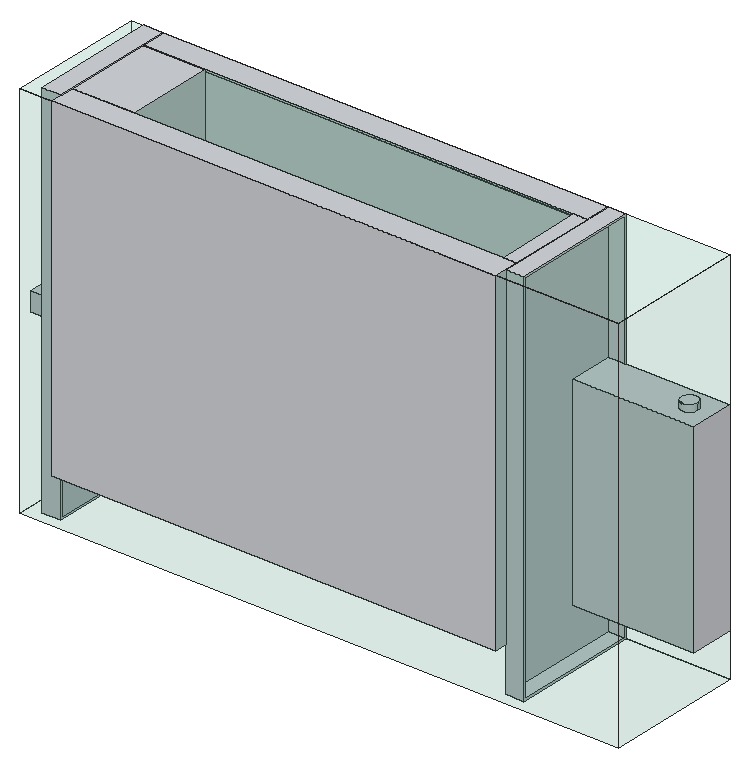
Revit family "EU_VRF_IDU_FLOOR_STANDING_S_Concealed", category Mechanical Equipment, Revit 2015
Parameters (values of type "3.60 kW, 220-240V, FLOOR STANDING(구모델)")
  Voltage [instance] = "220~240 V"
  URL = "www.samsung.com"
  Total Heating Capacity [instance] = 4.00 kW
  Total Cooling Capacity [instance] = 3.60 kW
  System Served = ""
  Supply Air Connection Width [instance] = 582.219 mm
  Supply Air Connection Offset Bottom [instance] = 138.989 mm
  Supply Air Connection Height [instance] = 582.21 mm
  Subscribe for Update Alerts = ""
  Sound Pressure Middle [instance] = "32.00 dB(A)"
  Sound Pressure Low [instance] = "27.00 dB(A)"
  Sound Pressure High [instance] = "37.00 dB(A)"
  Sound Power Cooling [instance] = "64.00 dB(A)"
  Serial Number = ""
  Sensible Cooling Capacity [instance] = 0.00 kW
  Sales Rep Locator = ""
  Return Air Connection Width [instance] = 0.00 mm
  Return Air Connection Offset Bottom [instance] = 0.00 mm
  Return Air Connection Height [instance] = 0.00 mm
  Refrigerant Type = "R410A"
  Refrigerant Suction Gas Connection Radius [instance] = if(1 = 1, Refrigerant Suction Gas Connection Diameter / 2, 0.00 mm)  # 6.35 mm
  Refrigerant Suction Gas Connection Offset Left [instance] = 40.40 mm
  Refrigerant Suction Gas Connection Offset Bottom [instance] = 535.00 mm
  Refrigerant Suction Gas Connection Diameter [instance] = 12.70 mm
  Refrigerant Liquid Connection Radius [instance] = if(1 = 1, Refrigerant Liquid Connection Diameter / 2, 0.00 mm)  # 3.175 mm
  Refrigerant Liquid Connection Offset Left [instance] = 154.40 mm
  Refrigerant Liquid Connection Offset Bottom [instance] = 337.246 mm
  Refrigerant Liquid Connection Diameter [instance] = 6.35 mm
  Product Page URL = ""
  Product Documentation Link = ""
  Power Supply [instance] = 50 Hz
  Power Input Heating [instance] = 50 W
  Power Input Cooling [instance] = 50 W
  Power Connection Offset Left [instance] = 34.937 mm
  Power Connection Offset Bottom [instance] = 41.504 mm
  Power Connection Depth [instance] = 34.964 mm
  Phase [instance] = 1
  Panel net Dimensions Width [instance] = 0.00 mm
  Panel net Dimensions Height [instance] = 0.00 mm
  Panel net Dimensions Depth [instance] = 0.00 mm
  Panel Model = ""
  Panel  Net Weight = 0.00 kg
  Number of poles [instance] = ""
  Notes = ""
  Net Dimensions Width [instance] = 945.00 mm
  Net Dimensions Height [instance] = 600.00 mm
  Net Dimensions Depth [instance] = 220.00 mm
  Model = "AM036FNFDEH/EU"
  Net  Weight = 23.00 kg
  Motor Output = 0 W
  Maximum Rated Over Protection Device [instance] = "Fuse"
  Manufacturer Metadata = ""
  Manufacturer = "SAMSUNG"
  Location = ""
  Heating Leaving Dry Bulb Temperature [instance] = 0 °C
  Heating Entering Dry Bulb Temperature [instance] = 7 °C
  Free Content Downloads = ""
  Family Load Status [instance] = "Valid - Type loaded via type catalog"
  External Static Pressure [instance] = "0.00 mmAq"
  Equipment Finish [instance] = Molded case
  Designation = ""
  Design Heating Air Flow Minimum [instance] = "0.00 CMM"
  Design Heating Air Flow Maximum [instance] = "0.00 CMM"
  Design Cooling Air Flow Minimum [instance] = "6.00 CMM"
  Design Cooling Air Flow Maximum [instance] = "10.00 CMM"
  Design Ambient Winter Wet Bulb Temperature [instance] = 6 °C
  Design Ambient Winter Dry Bulb Temperature [instance] = 7 °C
  Design Ambient Summer Dry Bulb Temperature [instance] = 35 °C
  Decoration Panel Finish [instance] = Ivory
  Current Input Heating [instance] = 0.24 A
  Current Input Cooling [instance] = 0.24 A
  Cooling Leaving Wet Bulb Temperature [instance] = 0 °C
  Cooling Leaving Dry Bulb Temperature [instance] = 0 °C
  Cooling Entering Wet Bulb Temperature [instance] = 27 °C
  Cooling Entering Dry Bulb Temperature [instance] = 35 °C
  Control Box Width = 165.00 mm
  Control Box Height = 319.948 mm
  Control Box Depth = 70.00 mm
  Conduit for power supply & communication wiring [instance] = 25.40 mm
  Condensate Drain Connection Radius [instance] = if(1 = 1, Condensate Drain Connection Diameter / 2, 0.00 mm)  # 9.00 mm
  Condensate Drain Connection Offset left [instance] = 133.016 mm
  Condensate Drain Connection Offset Bottom [instance] = 40.768 mm
  Condensate Drain Connection Diameter [instance] = 18.00 mm
  Clearance Type [instance] = Include Clearance : Include Clearance
  Clearance Offset Top [instance] = 0.00 mm
  Clearance Offset Right [instance] = 0.00 mm
  Clearance Offset Left [instance] = 0.00 mm
  Clearance Offset Front [instance] = 0.00 mm
  Clearance Offset Bottom [instance] = 0.00 mm
  Clearance Offset Back [instance] = 0.00 mm
  Actual Ventilation Air Flow [instance] = "0.00 CMM"
  Actual Supply Air Flow [instance] = "0.00 CMM"
  Actual Return Air Flow [instance] = "0.00 CMM"
  Actual Air Flow Imbalance [instance] = "0.00 CMM"
Types (2, lengths in mm): name | Sound Power Cooling | Power Input Heating | Power Input Cooling | Model | Net  Weight | Current Input Heating | Current Input Cooling
  3.60 kW,  220-240V, FLOOR STANDING(신모델) | "53.00 dB(A)" | 22 W | 22 W | "AM036MNFDEH/EU" | 22.00 kg | 0.2 A | 0.2 A
  3.60 kW, 220-240V, FLOOR STANDING(구모델) | "64.00 dB(A)" | 50 W | 50 W | "AM036FNFDEH/EU" | 23.00 kg | 0.24 A | 0.24 A
Reference planes
  plane 1 "Center (Front/Back)": y = 0
  plane 2: z = 0
  plane 3 "Center (Left/Right)": x = 0
  plane 4: x = -472.5
  plane 5: x = 472.5
  plane 6: y = 110
  plane 7: y = -110
  plane 8: z = 600
  plane 9: x = -422.62
  plane 10: x = 278.5
  plane 11: x = 307.5
  plane 12: y = 69.998
  plane 13: y = -68.99
  plane 14: z = 70
  plane 15: x = -452.62
  plane 16: x = -324.711
  plane 17: x = 257.499
  plane 18: z = 339.948
  plane 19: z = 389.948
  plane 20: y = 37.382
  plane 21: y = 107.382
  plane 22: z = 535
  plane 23: y = 69.6
  plane 24: z = 337.246
  plane 25: y = -44.4
  plane 26: y = -89.018
  plane 27: y = -16.018
  plane 28: x = 437.563
  plane 29: y = 72.418
Forms (mm)
  Extrusion 1, solid
    sketch origin (0, 0, 0) x (1, 0, 0) y (0, 1, 0)
      loop
        line (-422.56, 69.998) -> (-422.56, -68.99) -> (278.5, -68.99) -> (278.5, 69.998) -> (-422.56, 69.998)
    from 70 to 600
  Extrusion 2, solid
    sketch origin (278.5, -68.99, 0) x (0, 1, 0) y (0, 0, 1)
      loop
        line (-21.846, 600) -> (-21.846, 0) -> (178.99, 0) -> (178.99, 600) -> (-21.846, 600)
      loop
        line (-19.846, 2) -> (176.99, 2) -> (176.99, 598) -> (-19.846, 598) -> (-19.846, 2)
    from 0 to 29
  Extrusion 3, solid
    sketch origin (278.5, -68.99, 0) x (0, 1, 0) y (0, 0, 1)
      loop
        line (-19.846, 598) -> (-19.846, 2) -> (176.99, 2) -> (176.99, 598) -> (-19.846, 598)
    from 0 to 2
  Extrusion 4, solid
    sketch origin (-422.56, -68.972, 0) x (0, 1, 0) y (0, 0, -1)
      loop
        line (-19.864, -598) -> (176.972, -598) -> (176.972, -2) -> (-19.864, -2) -> (-19.864, -598)
    from 0 to 2
  Extrusion 5, solid
    sketch origin (-422.56, 69.998, 0) x (1, 0, 0) y (0, 0, -1)
      loop
        line (701.06, -600) -> (701.06, -70) -> (0, -70) -> (0, -600) -> (701.06, -600)
      loop
        line (2, -598) -> (699.06, -598) -> (699.06, -72) -> (2, -72) -> (2, -598)
    from 0 to 40.002
  Extrusion 6, solid
    sketch origin (-422.56, -68.99, 0) x (1, 0, 0) y (0, 0, 1)
      loop
        line (0, 70) -> (701.06, 70) -> (701.06, 600) -> (0, 600) -> (0, 70)
    from 0 to 41.01
  Extrusion 7, void
    sketch origin (0, 0, 0) x (1, 0, 0) y (0, 1, 0)
      loop
        line (-324.711, -68.99) -> (257.499, -68.99) -> (257.499, 69.998) -> (-324.711, 69.998) -> (-324.711, -68.99)
    from 339.948 to 600
  Extrusion 8, solid
    sketch origin (-422.56, 69.998, 0) x (1, 0, 0) y (0, 0, -1)
      loop
        line (2, -72) -> (2, -598) -> (699.06, -598) -> (699.06, -72) -> (2, -72)
    from 0 to 2
  Extrusion 9, solid
    sketch origin (-422.56, -68.972, 0) x (0, 1, 0) y (0, 0, -1)
      loop
        line (-21.864, -600) -> (178.972, -600) -> (178.972, 0) -> (-21.864, 0) -> (-21.864, -600)
      loop
        line (-19.864, -2) -> (-19.864, -598) -> (176.972, -598) -> (176.972, -2) -> (-19.864, -2)
    from 0 to 30.06
  Extrusion 10, solid
    sketch origin (280.5, -68.99, 0) x (0, 1, 0) y (0, 0, 1)
      loop
        line (106.372, 389.948) -> (106.372, 70) -> (176.372, 70) -> (176.372, 389.948) -> (106.372, 389.948)
    from 0 to 192
  Extrusion 11, solid
    sketch origin (-424.56, -68.972, 0) x (0, 1, 0) y (0, 0, -1)
      loop
        circle (138.572, -535.052) r 6.35
    from 0 to 28.06
  Extrusion 12, solid
    sketch origin (-424.56, -68.972, 0) x (0, 1, 0) y (0, 0, -1)
      loop
        circle (24.536, -337.298) r 3.175
    from 0 to 28.06
  Extrusion 13, solid
    sketch origin (-424.56, -68.972, 0) x (0, 1, 0) y (0, 0, -1)
      loop
        line (52.954, -275) -> (-20.046, -275) -> (-20.046, -305) -> (52.954, -305) -> (52.954, -275)
    from 0 to 47.94
  Extrusion 14, solid
    sketch origin (0, 0, 0) x (1, 0, 0) y (0, 1, 0)
      loop
        circle (-446.003, -54.835) r 9
    from 38.653 to 275
  Extrusion 15, solid
    sketch origin (0, 0, 0) x (1, 0, 0) y (0, 1, 0)
      loop
        circle (437.563, 72.418) r 12.7
    from 389.948 to 399.948
Cuts and joins
  Extrusion 7 cuts Extrusion 1
Dimensions and locks
  equal spacing: plane 4, plane 3 "Center (Left/Right)", plane 5
  "Net Dimensions Width": plane 4 to plane 5
  equal spacing: plane 6, plane 1 "Center (Front/Back)", plane 7
  "Net Dimensions Depth": plane 6 to plane 7
  "Net Dimensions Height": plane 8 to plane 2
  locked: plane 10 to plane 11 at 29
  "Control Box Width": plane 11 to plane 5
  plane 4 to plane 9 = 49.88 mm
  "Supply Air Connection Offset Bottom": plane 12 to plane 13
  locked: plane 14 to plane 2 at 70
  locked: plane 15 to plane 9 at 30
  locked: Extrusion 4 to Extrusion 4 at 2
  locked: Extrusion 3 to Extrusion 3 at 2
  locked: plane 13 to plane 7 at 41.01
  Extrusion 2 to Extrusion 4 = 2.00 mm
  locked: Extrusion 1 to Extrusion 4 at 2
  Extrusion 1 to Extrusion 4 = 19.846 mm
  locked: Extrusion 2 to Extrusion 4 at 2
  locked: plane 17 to plane 10 at 21.001
  "Supply Air Connection Height": plane 16 to plane 17
  "Control Box Height": plane 19 to plane 14
  "Control Box Depth": plane 20 to plane 21
  "Refrigerant Suction Gas Connection Offset Bottom": plane 22 to plane 2
  "Refrigerant Suction Gas Connection Offset Left": plane 6 to plane 23
  "Refrigerant Liquid Connection Offset Bottom": plane 24 to plane 2
  "Refrigerant Liquid Connection Offset Left": plane 6 to plane 25
  "Power Connection Depth": plane 21 to plane 29
  "Power Connection Offset Left": plane 28 to plane 5
  locked: Extrusion 15 to Extrusion 10 at 10
  "Refrigerant Suction Gas Connection Radius": radius of Extrusion 11 sketch curve
  "Refrigerant Liquid Connection Radius": radius of Extrusion 12 sketch curve
  "Condensate Drain Connection Radius": radius of Extrusion 14 sketch curve
  "Conduit for power supply & communication wiring": diameter of Extrusion 15 sketch curve
  aligned and locked: plane 2 to level
  aligned and locked: plane 8 to Extrusion 1
  aligned and locked: Extrusion 1 to plane 14
  aligned and locked: Extrusion 3 to Extrusion 1
  aligned and locked: Extrusion 3 to Extrusion 2  (x4)
  aligned and locked: plane 10 to Extrusion 2
  aligned and locked: Extrusion 2 to plane 11
  aligned and locked: Extrusion 1 to Extrusion 4
  aligned and locked: Extrusion 5 to Extrusion 1
  aligned and locked: plane 6 to Extrusion 5
  aligned and locked: Extrusion 6 to Extrusion 1
  aligned and locked: plane 16 to Extrusion 7 sketch curve
  aligned and locked: plane 12 to Extrusion 7 sketch curve
  aligned and locked: Extrusion 7 sketch curve to plane 13
  aligned and locked: Extrusion 7 sketch curve to plane 17
  aligned and locked: plane 8 to Extrusion 7
  aligned and locked: Extrusion 1 to Extrusion 7
  aligned and locked: Extrusion 7 to plane 18
  aligned and locked: Extrusion 8 to cut or joined group of Extrusion 1, Extrusion 7
  aligned and locked: plane 16 to cut or joined group of Extrusion 1, Extrusion 7
  aligned and locked: cut or joined group of Extrusion 1, Extrusion 7 to plane 17
  aligned and locked: cut or joined group of Extrusion 1, Extrusion 7 to plane 12
  aligned and locked: plane 13 to cut or joined group of Extrusion 1, Extrusion 7
  aligned and locked: Extrusion 5 to plane 6  (x2)
  aligned and locked: Extrusion 5 sketch curve to cut or joined group of Extrusion 1, Extrusion 7
  aligned and locked: Extrusion 8 sketch curve to Extrusion 5  (x2)
  aligned and locked: plane 6 to Extrusion 2 sketch curve
  aligned and locked: Extrusion 9 to Extrusion 6
  aligned and locked: plane 15 to Extrusion 9
  aligned and locked: Extrusion 4 to Extrusion 9  (x2)
  aligned and locked: Extrusion 10 sketch curve to plane 19
  aligned and locked: Extrusion 10 sketch curve to plane 20
  aligned and locked: Extrusion 10 sketch curve to plane 21
  aligned and locked: Extrusion 10 sketch curve to plane 14
  aligned and locked: Extrusion 10 to Extrusion 3
  aligned and locked: Extrusion 10 to plane 5
  aligned and locked: Extrusion 11 to Extrusion 4
  aligned and locked: Extrusion 9 to Extrusion 11
  aligned and locked: Extrusion 12 to Extrusion 4
  aligned and locked: Extrusion 9 to Extrusion 12
  aligned and locked: plane 26 to Extrusion 13 sketch curve
  aligned and locked: Extrusion 13 sketch curve to plane 27
  aligned and locked: Extrusion 13 to Extrusion 4
  aligned and locked: plane 4 to Extrusion 13
  aligned and locked: Extrusion 14 to Extrusion 13
  aligned and locked: Extrusion 15 to Extrusion 10
  aligned and locked: plane 3 "Center (Left/Right)" to nested 1
  aligned and locked: plane 1 "Center (Front/Back)" to nested 1
  aligned and locked: plane 1 "Center (Front/Back)" to nested 2
  aligned and locked: plane 3 "Center (Left/Right)" to nested 2
Automatic sketch dimensions
  Extrusion 1 sketch curve to plane 9 = 0.06 mm
  Extrusion 1 sketch curve to plane 10 = 0.00 mm
  Extrusion 1 sketch curve to plane 13 = 0.00 mm
  Extrusion 1 sketch curve to plane 12 = 0.00 mm
  Extrusion 1 to Extrusion 2 sketch curve = 0.00 mm
  Extrusion 2 sketch curve to Extrusion 2 sketch curve = 2.00 mm  (x3)
  Extrusion 1 to Extrusion 2 sketch curve = 2.00 mm
  Extrusion 2 sketch curve to Extrusion 1 = 68.00 mm
  Extrusion 1 to Extrusion 3 sketch curve = 2.00 mm
  Extrusion 3 sketch curve to Extrusion 1 = 19.846 mm
  Extrusion 3 sketch curve to Extrusion 1 = 38.002 mm
  Extrusion 3 sketch curve to Extrusion 1 = 68.00 mm
  Extrusion 4 sketch curve to plane 13 = 19.846 mm
  Extrusion 4 sketch curve to plane 6 = 2.00 mm
  Extrusion 4 sketch curve to plane 8 = 2.00 mm
  level to Extrusion 4 sketch curve = 2.00 mm
  Extrusion 5 sketch curve to Extrusion 1 = 0.00 mm  (x3)
  Extrusion 5 sketch curve to Extrusion 1 = 2.00 mm  (x2)
  Extrusion 1 to Extrusion 5 sketch curve = 2.00 mm  (x2)
  Extrusion 6 sketch curve to Extrusion 1 = 0.00 mm  (x4)
  Extrusion 1 to Extrusion 8 sketch curve = 2.00 mm  (x2)
  Extrusion 9 sketch curve to level = 0.00 mm
  Extrusion 9 sketch curve to plane 8 = 0.00 mm
  Extrusion 9 sketch curve to plane 6 = 0.00 mm
  Extrusion 9 sketch curve to plane 6 = 2.00 mm
  level to Extrusion 9 sketch curve = 2.00 mm
  Extrusion 9 sketch curve to plane 13 = 19.846 mm
  Extrusion 9 sketch curve to Extrusion 9 sketch curve = 2.00 mm
  Extrusion 9 sketch curve to plane 8 = 2.00 mm
  Extrusion 2 sketch curve to Extrusion 1 = 19.846 mm
  Extrusion 13 sketch curve to Extrusion 4 = 293.00 mm
  Extrusion 13 sketch curve to Extrusion 13 sketch curve = 30.00 mm
  Extrusion 14 sketch curve to plane 15 = 6.617 mm
  Extrusion 14 sketch curve to plane 25 = 10.435 mm
  Extrusion 15 sketch curve to plane 28 = 0.00 mm
  Extrusion 15 sketch curve to plane 29 = 0.00 mm
  Extrusion 11 sketch curve to Extrusion 4 = 38.40 mm
  Extrusion 11 sketch curve to Extrusion 4 = 62.948 mm
  Extrusion 12 sketch curve to Extrusion 4 = 44.40 mm
  Extrusion 12 sketch curve to Extrusion 4 = 260.702 mm
Nested families
  nested 1: "Include Clearance" at (0, 0, 0), type <- "Clearance Type", type "Include Clearance"
    with Equipment Finish none, Width 220.00 mm, Length 945.00 mm, Height 600.00 mm
  nested 2: "Do not Include Clearance" at (0, 0, 0), type "Do not Include Clearance"
    with Equipment Finish Default, Width 945.00 mm, Height 600.00 mm, Depth 220.00 mm
Connectors
  piping at (-452.62, 69.6, 535.052), diameter 12.7, driven by "Refrigerant Suction Gas Connection Radius"
    settings: on Extrusion 11, index 1, connector inside diameter 1/2", connector length 0.00 mm, flow factor 0, pipe flow 0 GPM, pressure drop 0.00 psi, fitting loss kfactor 0, connector angle 0.00°, fixture units 0, engagement length 0.00 mm, angle of deflection 0.00°, flow configuration 0, flow direction 0, fitting loss method 0, system type 7, joint type 0, gender type 0, connector reference index -1, connector utility 0, adjustable connector no, is connector primary yes, connector description ""
  piping at (-452.62, -44.436, 337.298), diameter 6.35, driven by "Refrigerant Liquid Connection Radius"
    settings: on Extrusion 12, index 2, connector inside diameter 1/4", connector length 0.00 mm, flow factor 0, pipe flow 0 GPM, pressure drop 0.00 psi, fitting loss kfactor 0, connector angle 0.00°, fixture units 0, engagement length 0.00 mm, angle of deflection 0.00°, flow configuration 0, flow direction 0, fitting loss method 0, system type 7, joint type 0, gender type 0, connector reference index -1, connector utility 0, adjustable connector no, is connector primary no, connector description ""
  piping at (-446.003, -54.835, 38.653), diameter 18, driven by "Condensate Drain Connection Radius"
    settings: on Extrusion 14, index 3, connector inside diameter 0.71", connector length 0.00 mm, flow factor 0, pipe flow 0 GPM, pressure drop 0.00 psi, fitting loss kfactor 0, connector angle 0.00°, fixture units 0, engagement length 0.00 mm, angle of deflection 0.00°, flow configuration 0, flow direction 0, fitting loss method 0, system type 7, joint type 0, gender type 0, connector reference index -1, connector utility 0, adjustable connector no, is connector primary no, connector description ""
  hvac at (-33.606, 0.504, 339.948), driven by "Supply Air Connection Offset Bottom", driven by "Supply Air Connection Width"
    settings: on cut or joined group of Extrusion 1, Extrusion 7, index 4, duct flow 0.000 CFM, flow factor 0, pres drop 0.00 in-wg, loss coef 0, conn angle 0.00°, conn width 22.922", conn height 5.472", conn diameter 24", duct sys type 3, conn prof type 1, flow config 0, flow direction 0, loss method 0, conn ref index -1, conn util no, is conn primary yes, conn desc ""
  electrical at (437.563, 72.418, 399.948)
    settings: on Extrusion 15, index 5, voltage 0 V, apparent load 0 VA, apparent load phase1 0 VA, apparent load phase2 0 VA, apparent load phase3 0 VA, power factor 1, load classification "기타", number of poles 1, system type 31, power factor state 1, is connector primary yes, connector utility no, sub classification motor no, connector description ""
Definition of nested family "Include Clearance"
  Parameters (values of type "Include Clearance")
    Width = 700.00 mm
    URL = ""
    Manufacturer = ""
    Length = 1200.00 mm
    Height = 250.00 mm
    Equipment Finish [instance] = none
    Copyright © = ""
    Clearance Offset Top = 0.00 mm
    Clearance Offset Right = 0.00 mm
    Clearance Offset Left = 0.00 mm
    Clearance Offset Front = 0.00 mm
    Clearance Offset Bottom = 0.00 mm
    Clearance Offset Back = 0.00 mm
    Assembly Code = ""
  Reference planes
    plane 1 "Center (Front/Back)": y = 0
    plane 2 "Bottom": z = 0
    plane 3 "Center (Left/Right)": x = 0
    plane 4 "Left": x = -600
    plane 5 "Back": y = 350
    plane 6 "Right": x = 600
    plane 7 "Front": y = -350
    plane 8 "Top": z = 250
    plane 9 "Clearance Offset Right": x = 600
    plane 10 "Clearance Offset Left": x = -600
    plane 11 "Clearance Offset Back": y = 350
    plane 12 "Clearance Offset Front": y = -350
    plane 13 "Clearance Offset Top": z = 250
    plane 14: z = 0
  Forms (mm)
    Extrusion 1, solid
      sketch origin (0, 0, 0) x (1, 0, 0) y (0, 1, 0)
        loop
          line (-600, 350) -> (-600, -350) -> (600, -350) -> (600, 350) -> (-600, 350)
      from 0 to 250
  Lines and regions (mm)
    symbolic lines
      curve 1: line (-600, 0, 250) -> (600, 0, 250)
      curve 2: line (-600, 0, 0) -> (-600, 0, 250)
      curve 3: line (600, 0, 0) -> (-600, 0, 0)
      curve 4: line (600, 0, 250) -> (600, 0, 0)
      curve 5: line (0, 350, 250) -> (0, -350, 250)
      curve 6: line (0, 350, 0) -> (0, 350, 250)
      curve 7: line (0, -350, 0) -> (0, 350, 0)
      curve 8: line (0, -350, 250) -> (0, -350, 0)
      curve 9: line (-600, 350, 0) -> (600, 350, 0)
      curve 10: line (-600, -350, 0) -> (-600, 350, 0)
      curve 11: line (600, -350, 0) -> (-600, -350, 0)
      curve 12: line (600, 350, 0) -> (600, -350, 0)
  Text (mm)
    text "Copyright © Daikin Industries, Ltd. 2008" at (0.011, 0.009, 0), in view "Ref. Level"
  Dimensions and locks
    equal spacing: plane 4 "Left", plane 3 "Center (Left/Right)", plane 6 "Right"
    "Length": plane 4 "Left" to plane 6 "Right"
    equal spacing: plane 5 "Back", plane 1 "Center (Front/Back)", plane 7 "Front"
    "Width": plane 5 "Back" to plane 7 "Front"
    "Height": plane 8 "Top" to plane 2 "Bottom"
    "Clearance Offset Front": plane 12 "Clearance Offset Front" to plane 7 "Front"
    "Clearance Offset Back": plane 11 "Clearance Offset Back" to plane 5 "Back"
    "Clearance Offset Left": plane 10 "Clearance Offset Left" to plane 4 "Left"
    "Clearance Offset Right": plane 6 "Right" to plane 9 "Clearance Offset Right"
    "Clearance Offset Top": plane 13 "Clearance Offset Top" to plane 8 "Top"
    curve 3 to plane 14 = 0.00 mm
    "Clearance Offset Bottom": plane 2 "Bottom" to plane 14
    aligned and locked: plane 2 "Bottom" to level
    aligned and locked: plane 9 "Clearance Offset Right" to Extrusion 1 sketch curve
    aligned and locked: Extrusion 1 sketch curve to plane 11 "Clearance Offset Back"
    aligned and locked: plane 10 "Clearance Offset Left" to Extrusion 1 sketch curve
    aligned and locked: Extrusion 1 sketch curve to plane 12 "Clearance Offset Front"
    aligned and locked: curve 9 to Extrusion 1  (x2)
    aligned and locked: Extrusion 1 to curve 12
    aligned and locked: curve 12 to Extrusion 1
    aligned and locked: plane 13 "Clearance Offset Top" to Extrusion 1
    aligned and locked: Extrusion 1 to plane 14
    aligned and locked: Extrusion 1 to plane 10 "Clearance Offset Left"
    aligned and locked: Extrusion 1 to plane 9 "Clearance Offset Right"  (x2)
    aligned and locked: Extrusion 1 to plane 13 "Clearance Offset Top"  (x2)
    aligned and locked: plane 14 to Extrusion 1  (x2)
    aligned and locked: curve 1 to plane 13 "Clearance Offset Top"
    aligned and locked: plane 9 "Clearance Offset Right" to curve 4
    aligned and locked: plane 10 "Clearance Offset Left" to curve 2
    aligned and locked: plane 14 to curve 3
    aligned and locked: plane 10 "Clearance Offset Left" to Extrusion 1  (x2)
    aligned and locked: curve 8 to plane 12 "Clearance Offset Front"
    aligned and locked: curve 5 to plane 13 "Clearance Offset Top"
    aligned and locked: curve 6 to plane 11 "Clearance Offset Back"
    aligned and locked: plane 14 to curve 7
Definition of nested family "Do not Include Clearance"
  Parameters (values of type "Do not Include Clearance")
    Width = 826.00 mm
    URL = ""
    Manufacturer = ""
    Height = 261.00 mm
    Equipment Finish [instance] = none
    Depth = 261.00 mm
    Copyright © = ""
    Clearance Offset Top = 0.00 mm
    Clearance Offset Right = 0.00 mm
    Clearance Offset Left = 0.00 mm
    Clearance Offset Front = 0.00 mm
    Clearance Offset Bottom = 0.00 mm
    Clearance Offset Back = 0.00 mm
    Assembly Code = ""
  Reference planes
    plane 1 "Center (Front/Back)": y = 0
    plane 2 "Bottom": z = 0
    plane 3 "Center (Left/Right)": x = 0
    plane 4 "Left": x = -413
    plane 5 "Back": y = 130.5
    plane 6 "Right": x = 413
    plane 7 "Front": y = -130.5
    plane 8 "Top": z = 261
    plane 9 "Clearance Offset Right": x = 413
    plane 10 "Clearance Offset Left": x = -413
    plane 11 "Clearance Offset Back": y = 130.5
    plane 12 "Clearance Offset Front": y = -130.5
    plane 13 "Clearance Offset Top": z = 261
    plane 14: z = 0
  Lines and regions (mm)
    symbolic lines
      curve 1: line (-413, 0, 261) -> (413, 0, 261)
      curve 2: line (-413, 0, 0) -> (-413, 0, 261)
      curve 3: line (413, 0, 0) -> (-413, 0, 0)
      curve 4: line (413, 0, 261) -> (413, 0, 0)
      curve 5: line (0, 130.5, 261) -> (0, -130.5, 261)
      curve 6: line (0, 130.5, 0) -> (0, 130.5, 261)
      curve 7: line (0, -130.5, 0) -> (0, 130.5, 0)
      curve 8: line (0, -130.5, 261) -> (0, -130.5, 0)
      curve 9: line (-413, 130.5, 0) -> (413, 130.5, 0)
      curve 10: line (-413, -130.5, 0) -> (-413, 130.5, 0)
      curve 11: line (413, -130.5, 0) -> (-413, -130.5, 0)
      curve 12: line (413, 130.5, 0) -> (413, -130.5, 0)
  Text (mm)
    text "Copyright © Daikin Industries, Ltd. 2008" at (0.011, 0.009, 0), in view "Ref. Level"
  Dimensions and locks
    equal spacing: plane 4 "Left", plane 3 "Center (Left/Right)", plane 6 "Right"
    "Width": plane 4 "Left" to plane 6 "Right"
    equal spacing: plane 5 "Back", plane 1 "Center (Front/Back)", plane 7 "Front"
    "Depth": plane 5 "Back" to plane 7 "Front"
    "Height": plane 8 "Top" to plane 2 "Bottom"
    "Clearance Offset Front": plane 12 "Clearance Offset Front" to plane 7 "Front"
    "Clearance Offset Back": plane 11 "Clearance Offset Back" to plane 5 "Back"
    "Clearance Offset Left": plane 10 "Clearance Offset Left" to plane 4 "Left"
    "Clearance Offset Right": plane 6 "Right" to plane 9 "Clearance Offset Right"
    "Clearance Offset Top": plane 13 "Clearance Offset Top" to plane 8 "Top"
    curve 3 to plane 14 = 0.00 mm
    "Clearance Offset Bottom": plane 2 "Bottom" to plane 14
    aligned and locked: plane 2 "Bottom" to level
    aligned and locked: curve 1 to plane 13 "Clearance Offset Top"
    aligned and locked: plane 9 "Clearance Offset Right" to curve 4
    aligned and locked: plane 10 "Clearance Offset Left" to curve 2
    aligned and locked: plane 14 to curve 3
    aligned and locked: curve 8 to plane 12 "Clearance Offset Front"
    aligned and locked: curve 5 to plane 13 "Clearance Offset Top"
    aligned and locked: curve 6 to plane 11 "Clearance Offset Back"
    aligned and locked: plane 14 to curve 7
  Automatic sketch dimensions
    plane 7 "Front" to curve 11 = 0.00 mm
    curve 11 to plane 10 "Clearance Offset Left" = 0.00 mm
    curve 11 to plane 9 "Clearance Offset Right" = 0.00 mm
    curve 10 to plane 5 "Back" = 0.00 mm
